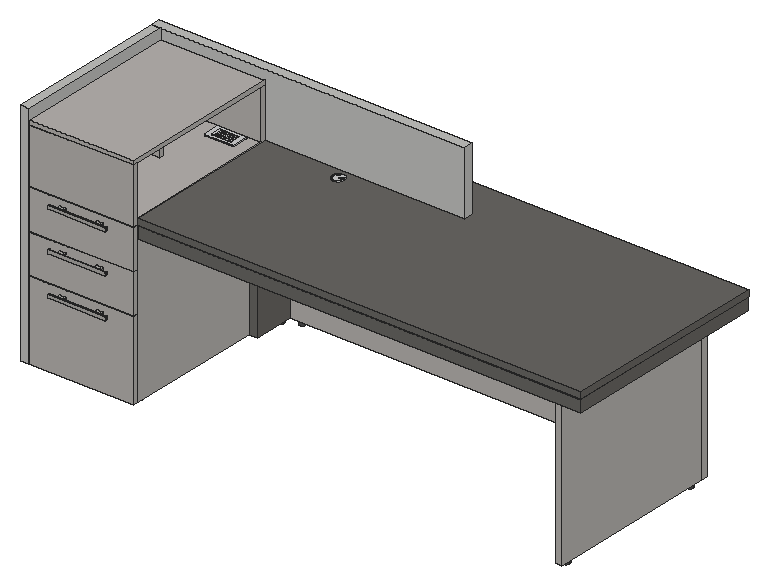
Revit family "Table-Teknion-CWRCH-Height_Adjustable_Reception_Classic_Desk-R2022", category Furniture, Revit 2022
Family settings
  OmniClass Number = 23.40.20.00
  OmniClass Title = General Furniture and Specialties
  Work Plane-Based = No
  Always vertical = Yes
  Cut with Voids When Loaded = No
  Render Appearance Source = Family Geometry
  Shared = Yes
  Room Calculation Point = No
Parameters (values of type "Box/Box/File Storage")
  Worksurface Finish [instance] = Wood - Teknion - DZ - Truffle
  Handle Finish [instance] = Paint - Teknion - Mica - Titanium Grey
  Grommet Offset [instance] = if(Width = 120", 26.258", if(Width = 108", 23.258", if(Width = 96", 20.258", 17.258")))  # 20.258"
  Divider Screen Finish [instance] = Laminate - Teknion - RV - Very White
  Default Elevation = 0"
  Base & Storage Finish [instance] = Veneer-Teknion-5S-Flintwood-Silverwash
  Width [instance] = 96"
  Warranty = "http://www.teknion.com/ca/papers/legal-canada"
  Unit Weight URL = "http://www.teknion.com/ca/tools/assets#&asset=bee6a381-b954-425e-8283-5a2de3a804f2,f828d448-4b62-4231-9e5f-9a8991c0ed77"
  URL = "www.teknion.com"
  To render, please download texture images found here [instance] = "https://assets.teknion.com/web/5e81352c1dfdb467/revit-material-swatches/"
  Sustainability Data = "https://www.teknion.com/ca/tools/assets#&topic=216f99a5-57a0-44fc-b10a-9dee9b29ae4c&asset=444deb64-fe58-4b68-981e-f75e97781df7,b4ff2d81-9f2e-437d-9659-7cffb09c31cf"
  Series = "Custom Wood"  # constant formula
  Screen Edge offset [instance] = if(Width = 84", 30", if(Width = 96", 42", if(Width = 108", 48", 54")))  # 42"
  Product Page URL = "https://www.teknion.com/ca/products/product-details?productLineId=0d82026f-8e7a-673b-a6c8-ff05004460c4"
  Product Line = "Reception"  # constant formula
  Product Documentation Link = "https://assets.teknion.com/m/148e0412a085a50e/original/Teknion-Reception-Sell-Sheet.pdf"
  Part Number = "CWRCH"  # constant formula
  Model = "CWRCH36_B"
  Manufacturer Phone = "416-661-3370"  # constant formula
  Manufacturer Fax = "416.661.4586"  # constant formula
  Manufacturer Contact Information = "http://www.teknion.com/ca/contactus"
  Manufacturer Address = "1150 Flint Road, Toronto, ON. M3J 2J5. Canada"  # constant formula
  Manufacturer = "Teknion"  # constant formula
  Left = yes
  LF = no
  LB = yes
  How To Use Teknion Materials User Guide [instance] = "https://assets.teknion.com/m/205dd0a49fa58060/original/How-to-add-a-Material-Library-and-Texture-Images-to-your-Revit-project.pdf"
  For Additional Finishes, please visit [instance] = "https://assets.teknion.com/m/44a8009b046e5d47/original/Teknion_Materials_Library.zip"
  Description = "Teknion Reception, H/A Classic Desk, 36\" Depth, Left, Box/Box/File Storage"
  Depth = 36.803"  # constant formula
  Available Widths [instance] = "96, 108, and 120 Inches"  # constant formula
  Assembly Code = "E2020200"
Reference planes (in)
  plane 1 "Center Front/Back": y = 0
  plane 2: z = 0
  plane 3 "Center Left/Right": x = 0
  plane 4 "Left": x = -48
  plane 5 "Right": x = 48
  plane 6 "Back": y = 18.4015
  plane 7 "Front": y = -18.4015
  plane 8 "Top": z = 40
  plane 9: x = -44
  plane 10: x = 44
  plane 11: x = -6
  plane 12: x = 6
  plane 13: z = 0.5
  plane 14: z = 29.00043
  plane 15: z = 27.965
  plane 16: x = -14.258
  plane 17: x = 14.258
  plane 18: y = 11.40165
Forms (in)
  Sweep 1, solid, material "Laminate - Teknion - RV - Very White" <- "Divider Screen Finish", visible <- "Left"
    path origin (0, 0, 0) x (1, 0, 0) y (0, 0, 1)
      loop
        line (0, 0.5) -> (0, 40)
    profile origin (0, 0, 20.25) x (-1, 0, 0) y (0, -1, 0)
      loop
        line (48, -9.86228) -> (48, 18.4015) -> (46.46063, 18.4015) -> (46.46063, -9.86228) -> (48, -9.86228)
  Sweep 2, solid, material "Laminate - Teknion - RV - Very White" <- "Divider Screen Finish", visible <- "Left"
    path origin (0, 0, 0) x (1, 0, 0) y (0, 0, 1)
      loop
        line (0, 0.5) -> (0, 40)
    profile origin (0, 0, 20.25) x (-1, 0, 0) y (0, -1, 0)
      loop
        line (48, -11.40165) -> (48, -9.86228) -> (28.51575, -9.86228) -> (28.51575, -11.40165) -> (48, -11.40165)
  Sweep 3, solid, material "Wood - Teknion - DZ - Truffle" <- "Worksurface Finish", visible <- "Left"
    path origin (0, 0, 0) x (1, 0, 0) y (0, 0, 1)
      loop
        line (0, 0.5) -> (0, 27.965)
    profile origin (0, 0, 14.2325) x (-1, 0, 0) y (0, -1, 0)
      loop
        line (28.51575, -18.4015) -> (28.51575, -6.40165) -> (26.97638, -6.40165) -> (26.97638, -18.4015) -> (28.51575, -18.4015)
  Sweep 4, solid, material "Laminate - Teknion - RV - Very White" <- "Divider Screen Finish", visible <- "Left"
    path origin (0, 0, 0) x (1, 0, 0) y (0, 0, 1)
      loop
        line (0, 29.00043) -> (0, 40)
    profile origin (0, 0, 34.50022) x (-1, 0, 0) y (0, -1, 0)
      loop
        line (28.51575, -11.40165) -> (28.51575, -9.86228) -> (-6, -9.86228) -> (-6, -11.40165) -> (28.51575, -11.40165)
  Sweep 5, solid, material "Wood - Teknion - DZ - Truffle" <- "Worksurface Finish", visible <- "Left"
    path origin (0, 0, 0) x (1, 0, 0) y (0, 0, 1)
      loop
        line (0, 27.965) -> (0, 29.00043)
    profile origin (0, 0, 28.48272) x (-1, 0, 0) y (0, -1, 0)
      loop
        line (28.51575, -18.4015) -> (28.51575, 17.59835) -> (-48, 17.59835) -> (-48, -18.4015) -> (28.51575, -18.4015)
  Sweep 6, solid, material "Wood - Teknion - DZ - Truffle" <- "Worksurface Finish", visible <- "Left"
    path origin (0, 0, 0) x (1, 0, 0) y (0, 1, 0)
      loop
        line (-28.51575, -17.59835) -> (48, -17.59835) -> (48, 18.4015) -> (-26.97638, 18.4015)
    profile origin (9.74213, -17.59835, 0) x (0, 1, 0) y (0, 0, 1)
      loop
        line (0.29528, 27.965) -> (0.29528, 27.84646) -> (0.05906, 27.84646) -> (0.05906, 25.71457) -> (0.77953, 25.71457) -> (0.77953, 27.965) -> (0.29528, 27.965)
  Sweep 7, solid, material "Veneer-Teknion-5S-Flintwood-Silverwash" <- "Base & Storage Finish", visible <- "Left"
    path origin (0, 0, 0) x (1, 0, 0) y (0, 0, 1)
      loop
        line (0, 0.5) -> (0, 27.965)
    profile origin (0, 0, 14.2325) x (-1, 0, 0) y (0, -1, 0)
      loop
        line (26.97638, -14.40165) -> (26.97638, -13.36228) -> (-44, -13.36228) -> (-44, -14.40165) -> (26.97638, -14.40165)
  Sweep 8, solid, material "Veneer-Teknion-5S-Flintwood-Silverwash" <- "Base & Storage Finish", visible <- "Left"
    path origin (0, 0, 0) x (1, 0, 0) y (0, 0, 1)
      loop
        line (0, 0.5) -> (0, 27.965)
    profile origin (0, 0, 14.2325) x (-1, 0, 0) y (0, -1, 0)
      loop
        line (-42.96063, -13.36228) -> (-42.96063, 16.81882) -> (-44, 16.81882) -> (-44, -13.36228) -> (-42.96063, -13.36228)
  Sweep 9, solid, material "Veneer-Teknion-5S-Flintwood-Silverwash" <- "Base & Storage Finish", visible <- "Left"
    path origin (0, 0, 0) x (1, 0, 0) y (0, 0, 1)
      loop
        line (0, 0.5) -> (0, 27.965)
    profile origin (0, 0, 14.2325) x (-1, 0, 0) y (0, -1, 0)
      loop
        line (29.24016, -6.40165) -> (29.24016, 17.59835) -> (28.51575, 17.59835) -> (28.51575, -6.40165) -> (29.24016, -6.40165)
      loop
        line (45.73622, -6.40165) -> (46.46063, -6.40165) -> (46.46063, 17.59835) -> (45.73622, 17.59835) -> (45.73622, -6.40165)
  Sweep 10, solid, material "Veneer-Teknion-5S-Flintwood-Silverwash" <- "Base & Storage Finish", visible <- "Left"
    path origin (0, 0, 0) x (1, 0, 0) y (0, 0, 1)
      loop
        line (0, 27.965) -> (0, 37.52559)
    profile origin (0, 0, 32.7453) x (-1, 0, 0) y (0, -1, 0)
      loop
        line (46.46063, -6.40165) -> (46.46063, 17.67709) -> (45.73622, 17.67709) -> (45.73622, -6.40165) -> (46.46063, -6.40165)
  Sweep 11, solid, material "Veneer-Teknion-5S-Flintwood-Silverwash" <- "Base & Storage Finish", visible <- "Left"
    path origin (0, 0, 0) x (1, 0, 0) y (0, 0, 1)
      loop
        line (0, 27.965) -> (0, 29.00043)
    profile origin (0, 0, 28.48272) x (-1, 0, 0) y (0, -1, 0)
      loop
        line (45.73622, -9.13787) -> (45.73622, 17.67709) -> (28.51575, 17.67709) -> (28.51575, -9.13787) -> (45.73622, -9.13787)
  Sweep 12, solid, material "Veneer-Teknion-5S-Flintwood-Silverwash" <- "Base & Storage Finish", visible <- "Left"
    path origin (0, 0, 0) x (1, 0, 0) y (0, 0, 1)
      loop
        line (0, 27.965) -> (0, 37.52559)
    profile origin (0, 0, 32.7453) x (-1, 0, 0) y (0, -1, 0)
      loop
        line (45.73622, -9.86228) -> (45.73622, -9.13787) -> (28.51575, -9.13787) -> (28.51575, -9.86228) -> (45.73622, -9.86228)
  Sweep 13, solid, material "Veneer-Teknion-5S-Flintwood-Silverwash" <- "Base & Storage Finish", visible <- "Left"
    path origin (0, 0, 0) x (1, 0, 0) y (0, 0, 1)
      loop
        line (0, 37.52559) -> (0, 38.25)
    profile origin (0, 0, 37.8878) x (-1, 0, 0) y (0, -1, 0)
      loop
        line (46.46063, -9.86228) -> (46.46063, 18.4015) -> (28.51575, 18.4015) -> (28.51575, -9.86228) -> (46.46063, -9.86228)
  Sweep 14, solid, material "Veneer-Teknion-5S-Flintwood-Silverwash" <- "Base & Storage Finish", visible <- "Left"
    path origin (0, 0, 0) x (1, 0, 0) y (0, 0, 1)
      loop
        line (0, 29.00043) -> (0, 37.52559)
    profile origin (0, 0, 33.26301) x (-1, 0, 0) y (0, -1, 0)
      loop
        line (45.73622, 2.14953) -> (45.73622, 2.67709) -> (36.48622, 2.67709) -> (36.48622, 2.14953) -> (45.73622, 2.14953)
  Sweep 15, solid, material "Veneer-Teknion-5S-Flintwood-Silverwash" <- "Base & Storage Finish", visible <- "Left"
    path origin (0, 0, 0) x (1, 0, 0) y (0, 0, 1)
      loop
        line (0, 32.99923) -> (0, 33.52679)
    profile origin (0, 0, 33.26301) x (-1, 0, 0) y (0, -1, 0)
      loop
        line (36.48622, 2.67709) -> (45.73622, 2.67709) -> (45.73622, 17.67709) -> (36.48622, 17.67709) -> (36.48622, 2.67709)
  Sweep 16, solid, material "Veneer-Teknion-5S-Flintwood-Silverwash" <- "Base & Storage Finish", visible <- "LB"
    path origin (0, 0, 0) x (1, 0, 0) y (0, 1, 0)
      loop
        line (0, -18.4015) -> (0, -17.67709)
    profile origin (0, -18.0393, 0) x (-1, 0, 0) y (0, 0, 1)
      loop
        line (46.46063, 37.52559) -> (28.51575, 37.52559) -> (28.51575, 27.965) -> (46.46063, 27.965) -> (46.46063, 37.52559)
      loop
        line (28.51575, 27.88626) -> (28.51575, 21.10432) -> (46.46063, 21.10432) -> (46.46063, 27.88626) -> (28.51575, 27.88626)
      loop
        line (46.46063, 21.01444) -> (28.51575, 21.01444) -> (28.51575, 14.2325) -> (46.46063, 14.2325) -> (46.46063, 21.01444)
      loop
        line (28.51575, 14.15376) -> (28.51575, 0.5) -> (46.46063, 0.5) -> (46.46063, 14.15376) -> (28.51575, 14.15376)
  Sweep 17, solid, material "Veneer-Teknion-5S-Flintwood-Silverwash" <- "Base & Storage Finish", visible <- "LF"
    path origin (0, 0, 0) x (1, 0, 0) y (0, 1, 0)
      loop
        line (0, -18.4015) -> (0, -17.67709)
    profile origin (0, -18.0393, 0) x (-1, 0, 0) y (0, 0, 1)
      loop
        line (46.46063, 14.15376) -> (28.51575, 14.15376) -> (28.51575, 0.5) -> (46.46063, 0.5) -> (46.46063, 14.15376)
      loop
        line (28.51575, 27.88626) -> (28.51575, 14.2325) -> (46.46063, 14.2325) -> (46.46063, 27.88626) -> (28.51575, 27.88626)
      loop
        line (46.46063, 27.965) -> (46.46063, 37.52559) -> (28.51575, 37.52559) -> (28.51575, 27.965) -> (46.46063, 27.965)
  Sweep 18, solid, material "Veneer-Teknion-5S-Flintwood-Silverwash" <- "Base & Storage Finish", visible <- "Left"
    path origin (0, 0, 0) x (1, 0, 0) y (0, 1, 0)
      loop
        line (-29.24016, 0) -> (-45.73622, 0)
    profile origin (-37.48819, 0, 0) x (0, -1, 0) y (0, 0, 1)
      loop
        line (-3.67724, 1.22441) -> (-3.67724, 0.5) -> (17.59835, 0.5) -> (17.59835, 1.22441) -> (-3.67724, 1.22441)
      loop
        line (-4.40165, 27.24059) -> (17.59835, 27.24059) -> (17.59835, 27.965) -> (-4.40165, 27.965) -> (-4.40165, 27.24059)
  Sweep 19, solid, material "Veneer-Teknion-5S-Flintwood-Silverwash" <- "Base & Storage Finish", visible <- "Left"
    path origin (0, 0, 0) x (1, 0, 0) y (0, 0, 1)
      loop
        line (0, 0.5) -> (0, 27.24059)
    profile origin (0, 0, 13.8703) x (-1, 0, 0) y (0, -1, 0)
      loop
        line (45.73622, -4.40165) -> (45.73622, -3.67724) -> (29.24016, -3.67724) -> (29.24016, -4.40165) -> (45.73622, -4.40165)
  Sweep 20, solid, material "Plastic - Teknion - E - Ebony", visible <- "Left"
    path origin (0, 0, 0) x (1, 0, 0) y (0, 0, 1)
      loop
        line (0, 0) -> (0, 0.5)
    profile origin (0, 0, 0.25) x (-1, 0, 0) y (0, -1, 0)
      loop
        circle (47.23031, 16.62985) r 0.5
      loop
        circle (45.39173, 15.74796) r 0.5
      loop
        circle (47.23031, -8.09063) r 0.5
      loop
        circle (46.22835, -10.63196) r 0.5
      loop
        circle (45.39173, -2.62921) r 0.5
      loop
        circle (29.58465, 15.74796) r 0.5
      loop
        circle (29.58465, -2.62921) r 0.5
      loop
        circle (30.2874, -10.63196) r 0.5
      loop
        circle (27.74606, -12.38393) r 0.5
      loop
        circle (27.74606, -16.63) r 0.5
      loop
        circle (25.20472, -13.88196) r 0.5
      loop
        circle (-42.22835, -13.88196) r 0.5
      loop
        circle (-43.48031, -11.59063) r 0.5
      loop
        circle (-43.48031, 15.04717) r 0.5
  Sweep 21, solid, material "Veneer-Teknion-5S-Flintwood-Silverwash" <- "Base & Storage Finish", visible <- "Left"
    path origin (0, 0, 0) x (1, 0, 0) y (0, 1, 0)
      loop
        line (0, -0.11425) -> (0, 0.91725)
    profile origin (0, 0.4015, 0) x (-1, 0, 0) y (0, 0, 1)
      loop
        line (28.51575, 27.965) -> (-42.96063, 27.965) -> (-42.96063, 25.71457) -> (28.51575, 25.71457) -> (28.51575, 27.965)
      loop
        line (-44, 27.965) -> (-47.22047, 27.965) -> (-47.22047, 25.71457) -> (-44, 25.71457) -> (-44, 27.965)
  Sweep 22, solid, material "Paint - Teknion - Mica - Titanium Grey" <- "Handle Finish", visible <- "Left"
    path origin (0, 0, 0) x (1, 0, 0) y (0, 1, 0)
      loop
        line (0, -18.4015) -> (0, -19.11591)
    profile origin (0, -18.75871, 0) x (1, 0, 0) y (0, 0, 1)
      loop
        line (-41.11024, 26.38262) -> (-40.32283, 26.38262)
        arc (-40.32283, 26.38262) -> (-40.22183, 26.42445) -> (-40.18, 26.52545) r 0.14284
        line (-40.18, 26.52545) -> (-40.18, 26.64864)
        arc (-40.18, 26.64864) -> (-40.22183, 26.74964) -> (-40.32283, 26.79148) r 0.14284
        line (-40.32283, 26.79148) -> (-41.11024, 26.79148)
        arc (-41.11024, 26.79148) -> (-41.21124, 26.74964) -> (-41.25307, 26.64864) r 0.14284
        line (-41.25307, 26.64864) -> (-41.25307, 26.52545)
        arc (-41.25307, 26.52545) -> (-41.21124, 26.42445) -> (-41.11024, 26.38262) r 0.14284
      loop
        arc (-33.86614, 26.38262) -> (-33.76514, 26.42445) -> (-33.72331, 26.52545) r 0.14284
        line (-33.72331, 26.52545) -> (-33.72331, 26.64864)
        arc (-33.72331, 26.64864) -> (-33.76514, 26.74964) -> (-33.86614, 26.79148) r 0.14284
        line (-33.86614, 26.79148) -> (-34.65354, 26.79148)
        arc (-34.65354, 26.79148) -> (-34.75454, 26.74964) -> (-34.79638, 26.64864) r 0.14284
        line (-34.79638, 26.64864) -> (-34.79638, 26.52545)
        arc (-34.79638, 26.52545) -> (-34.75454, 26.42445) -> (-34.65354, 26.38262) r 0.14284
        line (-34.65354, 26.38262) -> (-33.86614, 26.38262)
      loop
        line (-41.11024, 12.65012) -> (-40.32283, 12.65012)
        arc (-40.32283, 12.65012) -> (-40.22183, 12.69195) -> (-40.18, 12.79295) r 0.14284
        line (-40.18, 12.79295) -> (-40.18, 12.91614)
        arc (-40.18, 12.91614) -> (-40.22183, 13.01714) -> (-40.32283, 13.05898) r 0.14284
        line (-40.32283, 13.05898) -> (-41.11024, 13.05898)
        arc (-41.11024, 13.05898) -> (-41.21124, 13.01714) -> (-41.25307, 12.91614) r 0.14284
        line (-41.25307, 12.91614) -> (-41.25307, 12.79295)
        arc (-41.25307, 12.79295) -> (-41.21124, 12.69195) -> (-41.11024, 12.65012) r 0.14284
      loop
        arc (-33.86614, 12.65012) -> (-33.76514, 12.69195) -> (-33.72331, 12.79295) r 0.14284
        line (-33.72331, 12.79295) -> (-33.72331, 12.91614)
        arc (-33.72331, 12.91614) -> (-33.76514, 13.01714) -> (-33.86614, 13.05898) r 0.14284
        line (-33.86614, 13.05898) -> (-34.65354, 13.05898)
        arc (-34.65354, 13.05898) -> (-34.75454, 13.01714) -> (-34.79638, 12.91614) r 0.14284
        line (-34.79638, 12.91614) -> (-34.79638, 12.79295)
        arc (-34.79638, 12.79295) -> (-34.75454, 12.69195) -> (-34.65354, 12.65012) r 0.14284
        line (-34.65354, 12.65012) -> (-33.86614, 12.65012)
  Sweep 23, solid, material "Paint - Teknion - Mica - Titanium Grey" <- "Handle Finish", visible <- "LB"
    path origin (0, 0, 0) x (1, 0, 0) y (0, 1, 0)
      loop
        line (0, -18.4015) -> (0, -19.11591)
    profile origin (0, -18.75871, 0) x (1, 0, 0) y (0, 0, 1)
      loop
        line (-41.11024, 19.5108) -> (-40.32283, 19.5108)
        arc (-40.32283, 19.5108) -> (-40.22183, 19.55264) -> (-40.18, 19.65364) r 0.14284
        line (-40.18, 19.65364) -> (-40.18, 19.77682)
        arc (-40.18, 19.77682) -> (-40.22183, 19.87782) -> (-40.32283, 19.91966) r 0.14284
        line (-40.32283, 19.91966) -> (-41.11024, 19.91966)
        arc (-41.11024, 19.91966) -> (-41.21124, 19.87782) -> (-41.25307, 19.77682) r 0.14284
        line (-41.25307, 19.77682) -> (-41.25307, 19.65364)
        arc (-41.25307, 19.65364) -> (-41.21124, 19.55264) -> (-41.11024, 19.5108) r 0.14284
      loop
        arc (-33.86614, 19.5108) -> (-33.76514, 19.55264) -> (-33.72331, 19.65364) r 0.14284
        line (-33.72331, 19.65364) -> (-33.72331, 19.77682)
        arc (-33.72331, 19.77682) -> (-33.76514, 19.87782) -> (-33.86614, 19.91966) r 0.14284
        line (-33.86614, 19.91966) -> (-34.65354, 19.91966)
        arc (-34.65354, 19.91966) -> (-34.75454, 19.87782) -> (-34.79638, 19.77682) r 0.14284
        line (-34.79638, 19.77682) -> (-34.79638, 19.65364)
        arc (-34.79638, 19.65364) -> (-34.75454, 19.55264) -> (-34.65354, 19.5108) r 0.14284
        line (-34.65354, 19.5108) -> (-33.86614, 19.5108)
  Sweep 24, solid, material "Paint - Teknion - Mica - Titanium Grey" <- "Handle Finish", visible <- "Left"
    path origin (0, 0, 0) x (1, 0, 0) y (0, 1, 0)
      loop
        line (0, -19.40544) -> (0, -19.11591)
    profile origin (0, -19.26068, 0) x (-1, 0, 0) y (0, 0, 1)
      loop
        line (42.35039, 26.86264) -> (32.62598, 26.86264)
        arc (32.62598, 26.86264) -> (32.52855, 26.82228) -> (32.48819, 26.72484) r 0.1378
        line (32.48819, 26.72484) -> (32.48819, 26.44925)
        arc (32.48819, 26.44925) -> (32.52855, 26.35182) -> (32.62598, 26.31146) r 0.1378
        line (32.62598, 26.31146) -> (42.35039, 26.31146)
        arc (42.35039, 26.31146) -> (42.44783, 26.35182) -> (42.48819, 26.44925) r 0.1378
        line (42.48819, 26.44925) -> (42.48819, 26.72484)
        arc (42.48819, 26.72484) -> (42.44783, 26.82228) -> (42.35039, 26.86264) r 0.1378
      loop
        line (42.35039, 13.13014) -> (32.62598, 13.13014)
        arc (32.62598, 13.13014) -> (32.52855, 13.08978) -> (32.48819, 12.99234) r 0.1378
        line (32.48819, 12.99234) -> (32.48819, 12.71675)
        arc (32.48819, 12.71675) -> (32.52855, 12.61932) -> (32.62598, 12.57896) r 0.1378
        line (32.62598, 12.57896) -> (42.35039, 12.57896)
        arc (42.35039, 12.57896) -> (42.44783, 12.61932) -> (42.48819, 12.71675) r 0.1378
        line (42.48819, 12.71675) -> (42.48819, 12.99234)
        arc (42.48819, 12.99234) -> (42.44783, 13.08978) -> (42.35039, 13.13014) r 0.1378
  Sweep 25, solid, material "Paint - Teknion - Mica - Titanium Grey" <- "Handle Finish", visible <- "LB"
    path origin (0, 0, 0) x (1, 0, 0) y (0, 1, 0)
      loop
        line (0, -19.11591) -> (0, -19.40544)
    profile origin (0, -19.26068, 0) x (1, 0, 0) y (0, 0, 1)
      loop
        line (-42.35039, 19.43964) -> (-32.62598, 19.43964)
        arc (-32.62598, 19.43964) -> (-32.52855, 19.48) -> (-32.48819, 19.57744) r 0.1378
        line (-32.48819, 19.57744) -> (-32.48819, 19.85303)
        arc (-32.48819, 19.85303) -> (-32.52855, 19.95046) -> (-32.62598, 19.99082) r 0.1378
        line (-32.62598, 19.99082) -> (-42.35039, 19.99082)
        arc (-42.35039, 19.99082) -> (-42.44783, 19.95046) -> (-42.48819, 19.85303) r 0.1378
        line (-42.48819, 19.85303) -> (-42.48819, 19.57744)
        arc (-42.48819, 19.57744) -> (-42.44783, 19.48) -> (-42.35039, 19.43964) r 0.1378
  Sweep 26, void
    path origin (0, 0, 0) x (1, 0, 0) y (0, 0, 1)
      loop
        line (-14.258, 27.965) -> (-14.258, 29.00043)
    profile origin (-14.258, 0, 28.48272) x (-1, 0, 0) y (0, -1, 0)
      loop
        circle (0, -7.9548) r 1.01181
  Sweep 27, solid, material "Plastic - Teknion - 30 - Grey", visible <- "Left"
    path origin (0, 0, 0) x (1, 0, 0) y (0, 0, 1)
      loop
        line (0, 29.00043) -> (0, 29.10705)
    profile origin (0, 0, 29.05374) x (-1, 0, 0) y (0, -1, 0)
      loop
        line (30.92677, -8.86622) -> (35.55571, -8.86622)
        arc (35.55571, -8.86622) -> (35.73249, -8.79299) -> (35.80571, -8.61622) r 0.25
        line (35.80571, -8.61622) -> (35.80571, -6.11622)
        arc (35.80571, -6.11622) -> (35.73249, -5.93944) -> (35.55571, -5.86622) r 0.25
        line (35.55571, -5.86622) -> (30.92677, -5.86622)
        arc (30.92677, -5.86622) -> (30.74999, -5.93944) -> (30.67677, -6.11622) r 0.25
        line (30.67677, -6.11622) -> (30.67677, -8.61622)
        arc (30.67677, -8.61622) -> (30.74999, -8.79299) -> (30.92677, -8.86622) r 0.25
  Sweep 28, solid, material "Plastic - Teknion - 30 - Grey", visible <- "Left"
    path origin (0, 0, 0) x (1, 0, 0) y (0, 0, 1)
      loop
        line (0, 29.10705) -> (0, 29.16827)
    profile origin (0, 0, 29.13766) x (-1, 0, 0) y (0, -1, 0)
      loop
        line (34.8649, -8.23533) -> (34.8649, -6.51473) -> (31.63155, -6.51473) -> (31.63155, -8.23533) -> (34.8649, -8.23533)
  Sweep 29, solid, material "Plastic - Teknion - 30 - Grey", visible <- "Left"
    path origin (0, 0, 0) x (1, 0, 0) y (0, 0, 1)
      loop
        line (0, 29.16827) -> (0, 29.22233)
    profile origin (0, 0, 29.1953) x (-1, 0, 0) y (0, -1, 0)
      loop
        line (34.52669, -7.9136) -> (34.52669, -6.83147) -> (33.4432, -6.83147) -> (33.4432, -7.9136) -> (34.52669, -7.9136)
      loop
        line (33.04405, -7.9136) -> (33.04405, -6.83147) -> (31.96057, -6.83147) -> (31.96057, -7.9136) -> (33.04405, -7.9136)
      loop
        line (34.1811, -7.67975) -> (34.1811, -7.53696) -> (33.78879, -7.53696) -> (33.78879, -7.67975) -> (34.1811, -7.67975)
      loop
        line (34.1811, -7.2081) -> (34.1811, -7.06531) -> (33.78879, -7.06531) -> (33.78879, -7.2081) -> (34.1811, -7.2081)
      loop
        line (32.8385, -7.78533) -> (32.8385, -7.3724) -> (32.67052, -7.3724) -> (32.67052, -7.78533) -> (32.8385, -7.78533)
      loop
        line (32.34118, -7.74368) -> (32.34118, -7.39018) -> (32.16976, -7.39018) -> (32.16976, -7.74368) -> (32.34118, -7.74368)
      loop
        line (32.62534, -6.94703) -> (32.3616, -6.94703) -> (32.3616, -7.06531)
        arc (32.3616, -7.06531) -> (32.49347, -7.19718) -> (32.62534, -7.06531) r 0.13187
        line (32.62534, -7.06531) -> (32.62534, -6.94703)
  Sweep 30, solid, material "Plastic - Teknion - 30 - Grey", visible <- "Left"
    path origin (0, 0, 0) x (1, 0, 0) y (0, 0, 1)
      loop
        line (0, 29.00043) -> (0, 29.07917)
    profile origin (0, 0, 29.0398) x (-1, 0, 0) y (0, -1, 0)
      loop
        line (13.86318, -8.19102) -> (13.29291, -8.19102)
        arc (13.29291, -8.19102) -> (15.25158, -7.9548) -> (13.29291, -7.71858) r 0.99358
        line (13.29291, -7.71858) -> (13.86318, -7.71858)
        arc (13.86318, -7.71858) -> (14.0994, -7.9548) -> (13.86318, -8.19102) r 0.23622
  Sweep 31, solid, material "Plastic - Teknion - 30 - Grey", visible <- "Left"
    path origin (0, 0, 0) x (1, 0, 0) y (0, 0, 1)
      loop
        line (0, 29.00043) -> (0, 28.2524)
    profile origin (0, 0, 28.62642) x (0, -1, 0) y (1, 0, 0)
      loop
        circle (-7.93659, -14.258) r 0.91127
      loop
        circle (-7.93659, -14.258) r 0.82696
Cuts and joins
  joined: Sweep 2, Sweep 4
  Sweep 26 cuts Sweep 5
Lines and regions (in)
  Masking region 1, visible <- "Left"
    outline origin (0, 0, 0) x (1, 0, 0) y (0, 1, 0)
      loop
        line (-28.51575, 18.4015) -> (-28.51575, 11.40165) -> (6, 11.40165) -> (6, 9.86228) -> (-28.51575, 9.86228) -> (-28.51575, -17.59835) -> (48, -17.59835) -> (48, 18.4015) -> (-28.51575, 18.4015)
  Masking region 2, visible <- "Left"
    outline origin (0, 0, 0) x (1, 0, 0) y (0, 1, 0)
      loop
        line (6, 11.40165) -> (-48, 11.40165) -> (-48, 9.86228) -> (6, 9.86228) -> (6, 11.40165)
  Masking region 3, visible <- "Left"
    outline origin (0, 0, 0) x (1, 0, 0) y (0, 1, 0)
      loop
        line (-46.46063, 9.86228) -> (-46.46063, -18.4015) -> (-28.51575, -18.4015) -> (-28.51575, 9.86228) -> (-46.46063, 9.86228)
  Masking region 4, visible <- "Left"
    outline origin (0, 0, 0) x (1, 0, 0) y (0, 1, 0)
      loop
        line (-41.25307, -18.4015) -> (-41.25307, -19.11591) -> (-40.18, -19.11591) -> (-40.18, -18.4015) -> (-41.25307, -18.4015)
      loop
        line (-34.79638, -18.4015) -> (-34.79638, -19.11591) -> (-33.72331, -19.11591) -> (-33.72331, -18.4015) -> (-34.79638, -18.4015)
  Masking region 5, visible <- "Left"
    outline origin (0, 0, 0) x (1, 0, 0) y (0, 1, 0)
      loop
        line (-42.48819, -19.11591) -> (-42.48819, -19.40544) -> (-32.48819, -19.40544) -> (-32.48819, -19.11591) -> (-42.48819, -19.11591)
  Masking region 6, visible <- "Left"
    outline origin (0, 0, 0) x (1, 0, 0) y (0, 1, 0)
      loop
        line (-48, 9.86228) -> (-48, -18.4015) -> (-46.46063, -18.4015) -> (-46.46063, 9.86228) -> (-48, 9.86228)
  symbolic lines, style "FurnitureHiddenLines", visible <- "Left", detail levels fine
    curve 1: line (47.94094, 18.34244, 0) -> (-26.97638, 18.34244, 0)
    curve 2: line (47.94094, -17.5393, 0) -> (47.94094, 18.34244, 0)
    curve 3: line (-28.51575, -17.5393, 0) -> (47.94094, -17.5393, 0)
    curve 4: line (47.70472, 18.10622, 0) -> (-26.97638, 18.10622, 0)
    curve 5: line (-26.97638, 17.62197, 0) -> (47.22047, 17.62197, 0)
    curve 6: line (47.70472, -17.30307, 0) -> (47.70472, 18.10622, 0)
    curve 7: line (47.22047, 17.62197, 0) -> (47.22047, -16.81882, 0)
    curve 8: line (47.22047, -16.81882, 0) -> (-28.51575, -16.81882, 0)
    curve 9: line (-28.51575, -17.30307, 0) -> (47.70472, -17.30307, 0)
    curve 14: line (-29.24016, 4.40165, 0) -> (-45.73622, 4.40165, 0)
    curve 15: line (-45.73622, 3.67724, 0) -> (-29.24016, 3.67724, 0)
    curve 19: line (-36.48622, -17.67709, 0) -> (-36.48622, -2.67709, 0)
    curve 20: line (-36.48622, -2.14953, 0) -> (-45.73622, -2.14953, 0)
    curve 21: line (-36.48622, -2.67709, 0) -> (-36.48622, -2.14953, 0)
    curve 29: arc (-47.73031, -16.62985, 0) -> (-47.23031, -16.12985, 0) -> (-46.73031, -16.62985, 0) r 0.5
    curve 30: arc (-46.73031, -16.62985, 0) -> (-47.23031, -17.12985, 0) -> (-47.73031, -16.62985, 0) r 0.5
    curve 31: arc (-45.89173, -15.74796, 0) -> (-45.39173, -15.24796, 0) -> (-44.89173, -15.74796, 0) r 0.5
    curve 32: arc (-44.89173, -15.74796, 0) -> (-45.39173, -16.24796, 0) -> (-45.89173, -15.74796, 0) r 0.5
    curve 33: arc (-29.08465, -15.74796, 0) -> (-29.58465, -16.24796, 0) -> (-30.08465, -15.74796, 0) r 0.5
    curve 34: arc (-30.08465, -15.74796, 0) -> (-29.58465, -15.24796, 0) -> (-29.08465, -15.74796, 0) r 0.5
    curve 35: arc (-44.89173, 2.62921, 0) -> (-45.39173, 2.12921, 0) -> (-45.89173, 2.62921, 0) r 0.5
    curve 36: arc (-29.08465, 2.62921, 0) -> (-29.58465, 2.12921, 0) -> (-30.08465, 2.62921, 0) r 0.5
    curve 37: arc (-30.08465, 2.62921, 0) -> (-29.58465, 3.12921, 0) -> (-29.08465, 2.62921, 0) r 0.5
    curve 38: arc (-45.89173, 2.62921, 0) -> (-45.39173, 3.12921, 0) -> (-44.89173, 2.62921, 0) r 0.5
    curve 39: arc (-47.73031, 8.09063, 0) -> (-47.23031, 8.59063, 0) -> (-46.73031, 8.09063, 0) r 0.5
    curve 40: arc (-46.73031, 8.09063, 0) -> (-47.23031, 7.59063, 0) -> (-47.73031, 8.09063, 0) r 0.5
    curve 41: arc (-45.72835, 10.63196, 0) -> (-46.22835, 10.13196, 0) -> (-46.72835, 10.63196, 0) r 0.5
    curve 42: arc (-46.72835, 10.63196, 0) -> (-46.22835, 11.13196, 0) -> (-45.72835, 10.63196, 0) r 0.5
    curve 43: arc (-29.7874, 10.63196, 0) -> (-30.2874, 10.13196, 0) -> (-30.7874, 10.63196, 0) r 0.5
    curve 44: arc (-30.7874, 10.63196, 0) -> (-30.2874, 11.13196, 0) -> (-29.7874, 10.63196, 0) r 0.5
    curve 45: arc (-28.24606, 12.38393, 0) -> (-27.74606, 12.88393, 0) -> (-27.24606, 12.38393, 0) r 0.5
    curve 46: arc (-27.24606, 12.38393, 0) -> (-27.74606, 11.88393, 0) -> (-28.24606, 12.38393, 0) r 0.5
    curve 47: arc (-24.70472, 13.88196, 0) -> (-25.20472, 13.38196, 0) -> (-25.70472, 13.88196, 0) r 0.5
    curve 48: arc (-25.70472, 13.88196, 0) -> (-25.20472, 14.38196, 0) -> (-24.70472, 13.88196, 0) r 0.5
    curve 49: arc (-27.24606, 16.63, 0) -> (-27.74606, 16.13, 0) -> (-28.24606, 16.63, 0) r 0.5
    curve 50: arc (-28.24606, 16.63, 0) -> (-27.74606, 17.13, 0) -> (-27.24606, 16.63, 0) r 0.5
    curve 51: arc (41.72835, 13.88196, 0) -> (42.22835, 14.38196, 0) -> (42.72835, 13.88196, 0) r 0.5
    curve 52: arc (42.72835, 13.88196, 0) -> (42.22835, 13.38196, 0) -> (41.72835, 13.88196, 0) r 0.5
    curve 53: arc (42.98031, 11.59063, 0) -> (43.48031, 12.09063, 0) -> (43.98031, 11.59063, 0) r 0.5
    curve 54: arc (43.98031, 11.59063, 0) -> (43.48031, 11.09063, 0) -> (42.98031, 11.59063, 0) r 0.5
    curve 55: arc (42.98031, -15.04717, 0) -> (43.48031, -14.54717, 0) -> (43.98031, -15.04717, 0) r 0.5
    curve 56: arc (43.98031, -15.04717, 0) -> (43.48031, -15.54717, 0) -> (42.98031, -15.04717, 0) r 0.5
    curve 57: line (-35.55571, 5.86622, 0) -> (-30.92677, 5.86622, 0)
    curve 58: arc (-30.92677, 5.86622, 0) -> (-30.74999, 5.93944, 0) -> (-30.67677, 6.11622, 0) r 0.25
    curve 59: line (-30.67677, 6.11622, 0) -> (-30.67677, 8.61622, 0)
    curve 60: arc (-30.67677, 8.61622, 0) -> (-30.74999, 8.79299, 0) -> (-30.92677, 8.86622, 0) r 0.25
    curve 61: line (-30.92677, 8.86622, 0) -> (-35.55571, 8.86622, 0)
    curve 62: arc (-35.55571, 8.86622, 0) -> (-35.73249, 8.79299, 0) -> (-35.80571, 8.61622, 0) r 0.25
    curve 63: line (-35.80571, 8.61622, 0) -> (-35.80571, 6.11622, 0)
    curve 64: arc (-35.80571, 6.11622, 0) -> (-35.73249, 5.93944, 0) -> (-35.55571, 5.86622, 0) r 0.25
    curve 65: line (-34.8649, 8.23533, 0) -> (-34.8649, 6.51473, 0)
    curve 66: line (-34.8649, 6.51473, 0) -> (-31.63155, 6.51473, 0)
    curve 67: line (-31.63155, 6.51473, 0) -> (-31.63155, 8.23533, 0)
    curve 68: line (-31.63155, 8.23533, 0) -> (-34.8649, 8.23533, 0)
    curve 69: line (-34.52669, 7.9136, 0) -> (-34.52669, 6.83147, 0)
    curve 70: line (-34.52669, 6.83147, 0) -> (-33.4432, 6.83147, 0)
    curve 71: line (-33.4432, 6.83147, 0) -> (-33.4432, 7.9136, 0)
    curve 72: line (-33.4432, 7.9136, 0) -> (-34.52669, 7.9136, 0)
    curve 73: line (-33.04405, 7.9136, 0) -> (-33.04405, 6.83147, 0)
    curve 74: line (-33.04405, 6.83147, 0) -> (-31.96057, 6.83147, 0)
    curve 75: line (-31.96057, 6.83147, 0) -> (-31.96057, 7.9136, 0)
    curve 76: line (-31.96057, 7.9136, 0) -> (-33.04405, 7.9136, 0)
    curve 77: line (-33.78879, 7.53696, 0) -> (-34.1811, 7.53696, 0)
    curve 78: line (-34.1811, 7.53696, 0) -> (-34.1811, 7.67975, 0)
    curve 79: line (-34.1811, 7.67975, 0) -> (-33.78879, 7.67975, 0)
    curve 80: line (-33.78879, 7.67975, 0) -> (-33.78879, 7.53696, 0)
    curve 81: line (-33.78879, 7.06531, 0) -> (-34.1811, 7.06531, 0)
    curve 82: line (-34.1811, 7.06531, 0) -> (-34.1811, 7.2081, 0)
    curve 83: line (-34.1811, 7.2081, 0) -> (-33.78879, 7.2081, 0)
    curve 84: line (-33.78879, 7.2081, 0) -> (-33.78879, 7.06531, 0)
    curve 85: line (-32.67052, 7.78533, 0) -> (-32.67052, 7.3724, 0)
    curve 86: line (-32.67052, 7.3724, 0) -> (-32.8385, 7.3724, 0)
    curve 87: line (-32.8385, 7.3724, 0) -> (-32.8385, 7.78533, 0)
    curve 88: line (-32.8385, 7.78533, 0) -> (-32.67052, 7.78533, 0)
    curve 89: line (-32.16976, 7.39018, 0) -> (-32.34118, 7.39018, 0)
    curve 90: line (-32.34118, 7.39018, 0) -> (-32.34118, 7.74368, 0)
    curve 91: line (-32.34118, 7.74368, 0) -> (-32.16976, 7.74368, 0)
    curve 92: line (-32.16976, 7.74368, 0) -> (-32.16976, 7.39018, 0)
    curve 93: line (-32.3616, 6.94703, 0) -> (-32.62534, 6.94703, 0)
    curve 94: line (-32.62534, 6.94703, 0) -> (-32.62534, 7.06531, 0)
    curve 95: arc (-32.62534, 7.06531, 0) -> (-32.49347, 7.19718, 0) -> (-32.3616, 7.06531, 0) r 0.13187
    curve 96: line (-32.3616, 7.06531, 0) -> (-32.3616, 6.94703, 0)
  symbolic lines, style "FurnitureHiddenLines", visible <- "Left", detail levels medium+fine
    curve 10: line (-26.97638, 11.40165, 0) -> (-26.97638, 18.34244, 0)
    curve 11: line (-28.51575, -17.67709, 0) -> (-46.46063, -17.67709, 0)
    curve 12: line (-45.73622, -17.67709, 0) -> (-45.73622, 9.86228, 0)
    curve 13: line (-29.24016, 9.86228, 0) -> (-29.24016, -17.59835, 0)
    curve 16: line (-29.24016, -17.59835, 0) -> (-28.51575, -17.59835, 0)
    curve 17: line (-45.73622, -17.59835, 0) -> (-29.24016, -17.59835, 0)
    curve 18: line (-46.46063, -17.59835, 0) -> (-45.73622, -17.59835, 0)
    curve 22: line (-26.97638, 13.36228, 0) -> (44, 13.36228, 0)
    curve 23: line (44, 14.40165, 0) -> (-26.97638, 14.40165, 0)
    curve 24: line (44, 13.36228, 0) -> (44, 14.40165, 0)
    curve 25: line (44, -16.81882, 0) -> (44, 13.36228, 0)
    curve 26: line (42.96063, 13.36228, 0) -> (42.96063, -16.81882, 0)
    curve 27: line (47.22047, 0.91725, 0) -> (-28.51575, 0.91725, 0)
    curve 28: line (47.22047, -0.11425, 0) -> (-28.51575, -0.11425, 0)
    curve 103: arc (-14.258, 8.76355, 0) -> (-13.43104, 7.93659, 0) -> (-14.258, 7.10964, 0) r 0.82696
    curve 104: arc (-14.258, 7.10964, 0) -> (-15.08496, 7.93659, 0) -> (-14.258, 8.76355, 0) r 0.82696
    curve 105: arc (-14.258, 7.02532, 0) -> (-13.34673, 7.93659, 0) -> (-14.258, 8.84787, 0) r 0.91127
    curve 106: arc (-14.258, 8.84787, 0) -> (-15.16927, 7.93659, 0) -> (-14.258, 7.02532, 0) r 0.91127
    curve 109: line (42.96063, -16.81882, 0) -> (44, -16.81882, 0)
    curve 110: line (47.22047, -0.11425, 0) -> (47.22047, 0.91725, 0)
  symbolic lines, style "Furniture", visible <- "Left"
    curve 97: arc (-13.24619, 7.9548, 0) -> (-14.258, 6.94299, 0) -> (-15.26981, 7.9548, 0) r 1.01181
    curve 98: arc (-15.26981, 7.9548, 0) -> (-14.258, 8.96661, 0) -> (-13.24619, 7.9548, 0) r 1.01181
  symbolic lines, visible <- "Left"
    curve 99: arc (-13.29291, 8.19102, 0) -> (-15.25158, 7.9548, 0) -> (-13.29291, 7.71858, 0) r 0.99358
    curve 100: line (-13.29291, 7.71858, 0) -> (-13.86318, 7.71858, 0)
    curve 101: arc (-13.86318, 7.71858, 0) -> (-14.0994, 7.9548, 0) -> (-13.86318, 8.19102, 0) r 0.23622
    curve 102: line (-13.86318, 8.19102, 0) -> (-13.27415, 8.19102, 0)
  reference lines
    curve 107: line (48, 18.4015, 0) -> (48, -18.4015, 0)
    curve 108: line (-48, 18.4015, 0) -> (-48, -18.4015, 0)
Dimensions and locks (in)
  "Width": plane 4 "Left" to plane 5 "Right"
  "Depth": plane 6 "Back" to plane 7 "Front"
  plane 8 "Top" to level = 40"
  equal spacing: plane 4 "Left", plane 3 "Center Left/Right", plane 5 "Right"
  equal spacing: plane 6 "Back", plane 1 "Center Front/Back", plane 7 "Front"
  locked: plane 4 "Left" to plane 9 at 4
  locked: plane 10 to plane 5 "Right" at 4
  "Screen Edge offset": plane 4 "Left" to plane 11
  "Screen Edge offset": plane 12 to plane 5 "Right"
  plane 14 to plane 15 to plane 13 to level = 1.03543", 27.465", 0.5" locked
  locked: plane 4 "Left" to Sweep 1 sketch curve at 1.53937
  locked: plane 4 "Left" to Sweep 2 sketch curve at 19.48425
  plane 4 "Left" to Sweep 3 sketch curve to Sweep 3 sketch curve = 19.48425" locked, 1.53937" locked
  locked: plane 6 "Back" to Sweep 3 sketch curve at 11.99985
  locked: plane 4 "Left" to Sweep 4 sketch curve at 19.48425
  locked: plane 4 "Left" to Sweep 5 sketch curve at 19.48425
  locked: plane 7 "Front" to Sweep 5 sketch curve at 0.80315
  locked: plane 7 "Front" to Sweep 6 sketch curve at 0.80315
  locked: plane 4 "Left" to Sweep 6 sketch curve at 19.48425
  locked: plane 4 "Left" to Sweep 6 sketch curve at 21.02362
  Sweep 6 sketch curve to Sweep 6 sketch curve to Sweep 6 sketch curve to plane 7 "Front" = 0.48425" locked, 0.23622" locked, 0.8622" locked
  plane 15 to Sweep 6 sketch curve to Sweep 6 sketch curve = 0.11854" locked, 2.13189" locked
  locked: plane 4 "Left" to Sweep 7 sketch curve at 21.02362
  plane 6 "Back" to Sweep 7 sketch curve to Sweep 7 sketch curve = 3.99985" locked, 1.03937" locked
  locked: Sweep 8 sketch curve to plane 10 at 1.03937
  locked: plane 6 "Back" to Sweep 8 sketch curve at 5.03922
  locked: plane 7 "Front" to Sweep 8 sketch curve at 1.58268
  plane 4 "Left" to Sweep 9 sketch curve to Sweep 9 sketch curve to Sweep 9 sketch curve to Sweep 9 sketch curve = 1.53937" locked, 0.72441" locked, 16.49606" locked, 0.72441" locked
  locked: plane 6 "Back" to Sweep 9 sketch curve at 11.99985  (x2)
  locked: plane 7 "Front" to Sweep 9 sketch curve at 0.80315  (x2)
  Sweep 10 sketch curve to plane 13 = 37.02559"
  locked: plane 7 "Front" to Sweep 11 sketch curve at 0.72441
  plane 4 "Left" to Sweep 11 sketch curve to Sweep 11 sketch curve = 2.26378" locked, 17.22047" locked
  locked: Sweep 12 sketch curve to level at 37.52559
  plane 4 "Left" to Sweep 12 sketch curve to Sweep 12 sketch curve = 2.26378" locked, 17.22047" locked
  Sweep 13 sketch curve to Sweep 13 sketch curve to level = 0.72441" locked, 37.52559" locked
  plane 4 "Left" to Sweep 13 sketch curve to Sweep 13 sketch curve = 1.53937" locked, 17.94488" locked
  Sweep 14 sketch curve to Sweep 14 sketch curve to level = 8.52516" locked, 29.00043" locked
  plane 7 "Front" to Sweep 14 sketch curve to Sweep 14 sketch curve = 15.72441" locked, 0.52756" locked
  plane 4 "Left" to Sweep 14 sketch curve to Sweep 14 sketch curve = 2.26378" locked, 9.25" locked
  Sweep 15 sketch curve to Sweep 15 sketch curve to level = 0.52756" locked, 32.99923" locked
  plane 7 "Front" to Sweep 15 sketch curve to Sweep 15 sketch curve = 0.72441" locked, 15" locked
  plane 4 "Left" to Sweep 15 sketch curve to Sweep 15 sketch curve = 2.26378" locked, 9.25" locked
  locked: plane 7 "Front" to Sweep 16 sketch curve at 0.72441
  Sweep 16 sketch curve to Sweep 16 sketch curve to Sweep 16 sketch curve to Sweep 16 sketch curve to Sweep 16 sketch curve to plane 13 = 6.78194" locked, 0.08987" locked, 6.78194" locked, 0.07874" locked, 13.65376" locked
  locked: Sweep 16 sketch curve to plane 15 at 9.56059
  Sweep 16 sketch curve to Sweep 16 sketch curve to Sweep 16 sketch curve to Sweep 16 sketch curve to Sweep 16 sketch curve to Sweep 16 sketch curve to Sweep 16 sketch curve to Sweep 16 sketch curve to plane 4 "Left" = 0" locked, 0" locked, 0" locked, 17.94488" locked, 0" locked, 0" locked, 0" locked, 1.53937" locked
  locked: plane 7 "Front" to Sweep 17 sketch curve at 0.72441
  Sweep 17 sketch curve to Sweep 17 sketch curve to Sweep 17 sketch curve to plane 13 = 13.65376" locked, 0.07874" locked, 13.65376" locked
  locked: Sweep 17 sketch curve to plane 15 at 9.56059
  Sweep 17 sketch curve to Sweep 17 sketch curve to Sweep 17 sketch curve to plane 4 "Left" = 0" locked, 0" locked, 1.53937" locked
  Sweep 17 sketch curve to Sweep 17 sketch curve to Sweep 17 sketch curve to plane 4 "Left" = 0" locked, 0" locked, 19.48425" locked
  plane 4 "Left" to Sweep 18 sketch curve to Sweep 18 sketch curve = 2.26378" locked, 16.49606" locked
  Sweep 18 sketch curve to Sweep 18 sketch curve to plane 7 "Front" = 0" locked, 0.80315" locked
  plane 6 "Back" to Sweep 18 sketch curve to Sweep 18 sketch curve = 13.99985" locked, 0.72441" locked
  Sweep 18 sketch curve to Sweep 18 sketch curve to plane 13 = 26.01618" locked, 0.72441" locked
  locked: Sweep 19 sketch curve to plane 13 at 26.74059
  plane 4 "Left" to Sweep 19 sketch curve to Sweep 19 sketch curve = 2.26378" locked, 16.49606" locked
  plane 6 "Back" to Sweep 19 sketch curve to Sweep 19 sketch curve = 13.99985" locked, 0.72441" locked
  plane 4 "Left" to Sweep 20 sketch curve to Sweep 20 sketch curve to Sweep 20 sketch curve to Sweep 20 sketch curve to Sweep 20 sketch curve to Sweep 20 sketch curve to Sweep 20 sketch curve to Sweep 20 sketch curve to Sweep 20 sketch curve to Sweep 20 sketch curve to Sweep 20 sketch curve = 0.76969" locked, 0" locked, 1.00197" locked, 0.83661" locked, 0" locked, 15.10433" locked, 0.70276" locked, 0" locked, 1.83858" locked, 0" locked, 2.54134" locked
  plane 7 "Front" to Sweep 20 sketch curve to Sweep 20 sketch curve to Sweep 20 sketch curve to Sweep 20 sketch curve = 1.77165" locked, 0.88189" locked, 0" locked, 0.70079" locked
  Sweep 20 sketch curve to Sweep 20 sketch curve to Sweep 20 sketch curve to plane 10 = 1.25197" locked, 0" locked, 0.51969" locked
  Sweep 21 sketch curve to plane 1 "Center Front/Back" to Sweep 21 sketch curve = 0.11425" locked, 0.91725" locked
  Sweep 21 sketch curve to Sweep 21 sketch curve to level = 0" locked, 25.71457" locked
  Sweep 21 sketch curve to Sweep 21 sketch curve to plane 10 = 1.03937" locked, 0" locked
  locked: Sweep 21 sketch curve to plane 5 "Right" at 0.77953
  locked: Sweep 21 sketch curve to plane 4 "Left" at 19.48425
  locked: Sweep 22 sketch curve to plane 7 "Front" at 0.71441
  Sweep 22 sketch curve to Sweep 22 sketch curve to Sweep 22 sketch curve to Sweep 22 sketch curve to Sweep 22 sketch curve to Sweep 22 sketch curve to Sweep 22 sketch curve to Sweep 22 sketch curve to Sweep 22 sketch curve to Sweep 22 sketch curve to Sweep 22 sketch curve to Sweep 22 sketch curve to Sweep 22 sketch curve to Sweep 22 sketch curve to Sweep 22 sketch curve to Sweep 22 sketch curve to Sweep 22 sketch curve to Sweep 22 sketch curve to Sweep 22 sketch curve to Sweep 22 sketch curve to Sweep 22 sketch curve to Sweep 22 sketch curve to Sweep 22 sketch curve to Sweep 22 sketch curve to level = 0" locked, 0.14284" locked, 0" locked, 0" locked, 0" locked, 0.12319" locked, 0" locked, 0" locked, 0" locked, 0.14284" locked, 0" locked, 13.32364" locked, 0" locked, 0.14284" locked, 0" locked, 0" locked, 0" locked, 0.12319" locked, 0" locked, 0" locked, 0" locked, 0.14284" locked, 0" locked, 12.65012" locked
  Sweep 22 sketch curve to Sweep 22 sketch curve to Sweep 22 sketch curve to Sweep 22 sketch curve to Sweep 22 sketch curve to Sweep 22 sketch curve to Sweep 22 sketch curve to Sweep 22 sketch curve to Sweep 22 sketch curve to Sweep 22 sketch curve to Sweep 22 sketch curve to Sweep 22 sketch curve to Sweep 22 sketch curve to Sweep 22 sketch curve to Sweep 22 sketch curve to Sweep 22 sketch curve to Sweep 22 sketch curve to Sweep 22 sketch curve to Sweep 22 sketch curve to Sweep 22 sketch curve to Sweep 22 sketch curve to Sweep 22 sketch curve to Sweep 22 sketch curve to Sweep 22 sketch curve to plane 4 "Left" = 0" locked, 0.14284" locked, 0" locked, 0" locked, 0" locked, 0.7874" locked, 0" locked, 0" locked, 0" locked, 0.14284" locked, 0" locked, 5.38362" locked, 0" locked, 0.14284" locked, 0" locked, 0" locked, 0" locked, 0.7874" locked, 0" locked, 0" locked, 0" locked, 0.14284" locked, 0" locked, 6.74693" locked
  locked: Sweep 23 sketch curve to plane 7 "Front" at 0.71441
  Sweep 23 sketch curve to Sweep 23 sketch curve to Sweep 23 sketch curve to Sweep 23 sketch curve to Sweep 23 sketch curve to Sweep 23 sketch curve to Sweep 23 sketch curve to Sweep 23 sketch curve to Sweep 23 sketch curve to Sweep 23 sketch curve to Sweep 23 sketch curve to Sweep 23 sketch curve to level = 0" locked, 0.14284" locked, 0" locked, 0" locked, 0" locked, 0.12319" locked, 0" locked, 0" locked, 0" locked, 0.14284" locked, 0" locked, 19.5108"
  Sweep 23 sketch curve to Sweep 23 sketch curve to Sweep 23 sketch curve to Sweep 23 sketch curve to Sweep 23 sketch curve to Sweep 23 sketch curve to Sweep 23 sketch curve to Sweep 23 sketch curve to Sweep 23 sketch curve to Sweep 23 sketch curve to Sweep 23 sketch curve to Sweep 23 sketch curve to plane 4 "Left" = 0.14284" locked, 0" locked, 0.7874" locked, 0" locked, 0.14284" locked, 5.38362" locked, 0.14284" locked, 0" locked, 0.7874" locked, 0" locked, 0.14284" locked, 6.74693" locked
  Sweep 24 sketch curve to Sweep 24 sketch curve to plane 7 "Front" = 0.28952" locked, 0.71441" locked
  Sweep 24 sketch curve to Sweep 24 sketch curve to Sweep 24 sketch curve to Sweep 24 sketch curve to Sweep 24 sketch curve to Sweep 24 sketch curve to Sweep 24 sketch curve to Sweep 24 sketch curve to Sweep 24 sketch curve to Sweep 24 sketch curve to Sweep 24 sketch curve to Sweep 24 sketch curve to level = 0.1378" locked, 0" locked, 0.27559" locked, 0" locked, 0.1378" locked, 13.18132" locked, 0.1378" locked, 0" locked, 0.27559" locked, 0" locked, 0.1378" locked, 12.57896" locked
  Sweep 24 sketch curve to Sweep 24 sketch curve to Sweep 24 sketch curve to Sweep 24 sketch curve to Sweep 24 sketch curve to Sweep 24 sketch curve to Sweep 24 sketch curve to Sweep 24 sketch curve to Sweep 24 sketch curve to Sweep 24 sketch curve to Sweep 24 sketch curve to Sweep 24 sketch curve to Sweep 24 sketch curve to Sweep 24 sketch curve to plane 4 "Left" = 0" locked, 0" locked, 0.1378" locked, 0", 0", 0" locked, 0" locked, 9.72441" locked, 0" locked, 0" locked, 0" locked, 0.1378" locked, 0" locked, 5.51181" locked
  Sweep 25 sketch curve to Sweep 25 sketch curve to plane 7 "Front" = 0.28952" locked, 0.71441" locked
  Sweep 25 sketch curve to Sweep 25 sketch curve to Sweep 25 sketch curve to Sweep 25 sketch curve to Sweep 25 sketch curve to Sweep 25 sketch curve to level = 0.1378" locked, 0" locked, 0.27559" locked, 0" locked, 0.1378" locked, 19.43964" locked
  Sweep 25 sketch curve to Sweep 25 sketch curve to Sweep 25 sketch curve to Sweep 25 sketch curve to Sweep 25 sketch curve to Sweep 25 sketch curve to plane 4 "Left" = 0.1378" locked, 0" locked, 9.72441" locked, 0" locked, 0.1378" locked, 5.51181" locked
  plane 4 "Left" to Masking region 1 sketch curve to Masking region 1 sketch curve = 19.48425" locked, 0" locked
  locked: plane 7 "Front" to Masking region 1 sketch curve at 0.80315
  plane 4 "Left" to Masking region 3 sketch curve to Masking region 3 sketch curve = 1.53937" locked, 17.94488" locked
  Masking region 4 sketch curve to Masking region 4 sketch curve to plane 7 "Front" = 0" locked, 0.71441" locked
  plane 4 "Left" to Masking region 4 sketch curve to Masking region 4 sketch curve to Masking region 4 sketch curve to Masking region 4 sketch curve = 6.74693" locked, 1.07307" locked, 5.38362" locked, 1.07307" locked
  plane 4 "Left" to Masking region 5 sketch curve to Masking region 5 sketch curve = 5.51181" locked, 10" locked
  Masking region 5 sketch curve to Masking region 5 sketch curve to plane 7 "Front" = 0.28952" locked, 0.71441" locked
  locked: plane 4 "Left" to Masking region 6 sketch curve at 1.53937
  plane 4 "Left" to Sweep 10 sketch curve to Sweep 10 sketch curve = 1.53937" locked, 0.72441" locked
  locked: plane 7 "Front" to Sweep 10 sketch curve at 0.72441
  locked: plane 6 "Back" to Sweep 10 sketch curve at 11.99985
  "Grommet Offset": plane 16 to plane 12
  "Grommet Offset": plane 11 to plane 17
  locked: profile plane to Sweep 26 sketch curve
  locked: Sweep 27 sketch curve to plane 14 at 0.10662
  plane 4 "Left" to Sweep 27 sketch curve to Sweep 27 sketch curve to Sweep 27 sketch curve to Sweep 27 sketch curve to Sweep 27 sketch curve to Sweep 27 sketch curve = 12.19429" locked, 0.25" locked, 0" locked, 4.62894" locked, 0" locked, 0.25" locked
  Sweep 27 sketch curve to Sweep 27 sketch curve to Sweep 27 sketch curve to Sweep 27 sketch curve to Sweep 27 sketch curve to Sweep 27 sketch curve to plane 18 = 0.25" locked, 0" locked, 2.5" locked, 0" locked, 0.25" locked, 2.53543" locked
  Sweep 28 sketch curve to Sweep 28 sketch curve to plane 14 = 0.06122" locked, 0.10662" locked
  plane 4 "Left" to Sweep 28 sketch curve to Sweep 28 sketch curve = 13.1351" locked, 3.23335" locked
  Sweep 28 sketch curve to Sweep 28 sketch curve to plane 18 = 1.72061" locked, 3.16632" locked
  Sweep 29 sketch curve to Sweep 29 sketch curve to plane 14 = 0.05405" locked, 0.16784" locked
  plane 4 "Left" to Sweep 29 sketch curve to Sweep 29 sketch curve to Sweep 29 sketch curve to Sweep 29 sketch curve to Sweep 29 sketch curve to Sweep 29 sketch curve to Sweep 29 sketch curve to Sweep 29 sketch curve to Sweep 29 sketch curve to Sweep 29 sketch curve to Sweep 29 sketch curve to Sweep 29 sketch curve to Sweep 29 sketch curve to Sweep 29 sketch curve = 13.47331" locked, 0.34558" locked, 0" locked, 0.39231" locked, 0" locked, 0.34558" locked, 0.39916" locked, 0.20555" locked, 0.16797" locked, 0.04518" locked, 0.26374" locked, 0.02042" locked, 0.17143" locked, 0.20919" locked
  Sweep 29 sketch curve to Sweep 29 sketch curve to Sweep 29 sketch curve to Sweep 29 sketch curve to Sweep 29 sketch curve to Sweep 29 sketch curve to Sweep 29 sketch curve to Sweep 29 sketch curve to Sweep 29 sketch curve to Sweep 29 sketch curve to Sweep 29 sketch curve to Sweep 29 sketch curve to Sweep 29 sketch curve to Sweep 29 sketch curve to plane 18 = 0" locked, 0.11556" locked, 0.11829" locked, 0" locked, 0" locked, 0.30708" locked, 0.01778" locked, 0.14679" locked, 0.14279" locked, 0.06393" locked, 0.04165" locked, 0.12827" locked, 0" locked, 3.48805" locked
  locked: Sweep 30 sketch curve to plane 14 at 0.07874
  plane 16 to curve 98 to Sweep 30 sketch curve to Sweep 30 sketch curve = 0" locked, 0.39482" locked, 0" locked
  Sweep 30 sketch curve to Sweep 30 sketch curve to Sweep 30 sketch curve to plane 18 = 0.23622" locked, 0.23622" locked, 3.21063" locked
  locked: plane 14 to Sweep 31 sketch curve at 0.74803
  plane 16 to Sweep 31 sketch curve to Sweep 31 sketch curve = 0" locked, 0" locked
  Sweep 31 sketch curve to Sweep 31 sketch curve to plane 18 = 0" locked, 3.46506" locked
  locked: plane 18 to Masking region 2 sketch curve at 1.53937
  locked: plane 18 to Sweep 4 sketch curve at 1.53937
  locked: plane 18 to Sweep 2 sketch curve at 1.53937
  locked: plane 18 to Sweep 13 sketch curve at 1.53937
  plane 18 to Sweep 12 sketch curve to Sweep 12 sketch curve = 1.53937" locked, 0.72441" locked
  Sweep 20 sketch curve to plane 18 to Sweep 20 sketch curve to Sweep 20 sketch curve to Sweep 20 sketch curve = 1.48228" locked, 0.26969" locked, 0" locked, 2.54134" locked
  plane 6 "Back" to Sweep 20 sketch curve to Sweep 20 sketch curve to Sweep 20 sketch curve to Sweep 20 sketch curve to Sweep 20 sketch curve to Sweep 20 sketch curve = 2.2715" locked, 2.74803" locked, 0" locked, 2.29134" locked, 8.96142" locked, 0" locked
  locked: plane 18 to Sweep 1 sketch curve at 1.53937
  locked: plane 18 to Sweep 11 sketch curve at 2.26378
  locked: plane 18 to Sweep 26 sketch curve at 3.44685
  aligned and locked: level to plane 2
  aligned and locked: plane 8 "Top" to Sweep 1 sketch curve
  aligned and locked: plane 3 "Center Left/Right" to Sweep 1 sketch curve
  aligned and locked: plane 13 to Sweep 1 sketch curve
  aligned and locked: Sweep 1 sketch curve to plane 4 "Left"
  aligned and locked: Sweep 1 sketch curve to plane 7 "Front"
  aligned and locked: plane 8 "Top" to Sweep 2 sketch curve
  aligned and locked: plane 13 to Sweep 2 sketch curve
  aligned and locked: plane 3 "Center Left/Right" to Sweep 2 sketch curve
  aligned and locked: plane 4 "Left" to Sweep 2 sketch curve
  aligned and locked: plane 3 "Center Left/Right" to Sweep 3 sketch curve
  aligned and locked: plane 15 to Sweep 3 sketch curve
  aligned and locked: plane 13 to Sweep 3 sketch curve
  aligned and locked: Sweep 3 sketch curve to plane 6 "Back"
  aligned and locked: plane 8 "Top" to Sweep 4 sketch curve
  aligned and locked: plane 3 "Center Left/Right" to Sweep 4 sketch curve
  aligned and locked: plane 14 to Sweep 4 sketch curve
  aligned and locked: Sweep 4 sketch curve to plane 12
  aligned and locked: plane 3 "Center Left/Right" to Sweep 5 sketch curve
  aligned and locked: plane 14 to Sweep 5 sketch curve
  aligned and locked: plane 15 to Sweep 5 sketch curve
  aligned and locked: Sweep 5 sketch curve to plane 6 "Back"
  aligned and locked: Sweep 5 sketch curve to plane 5 "Right"
  aligned and locked: plane 6 "Back" to Sweep 6 sketch curve
  aligned and locked: Sweep 6 sketch curve to plane 5 "Right"
  aligned and locked: plane 15 to Sweep 7 sketch curve
  aligned and locked: plane 3 "Center Left/Right" to Sweep 7 sketch curve
  aligned and locked: plane 13 to Sweep 7 sketch curve
  aligned and locked: Sweep 7 sketch curve to plane 10
  aligned and locked: plane 15 to Sweep 8 sketch curve
  aligned and locked: plane 3 "Center Left/Right" to Sweep 8 sketch curve
  aligned and locked: plane 13 to Sweep 8 sketch curve
  aligned and locked: Sweep 8 sketch curve to plane 10
  aligned and locked: plane 3 "Center Left/Right" to Sweep 9 sketch curve
  aligned and locked: plane 15 to Sweep 9 sketch curve
  aligned and locked: plane 13 to Sweep 9 sketch curve
  aligned and locked: plane 3 "Center Left/Right" to Sweep 10 sketch curve
  aligned and locked: plane 15 to Sweep 10 sketch curve
  aligned and locked: plane 14 to Sweep 11 sketch curve
  aligned and locked: plane 3 "Center Left/Right" to Sweep 11 sketch curve
  aligned and locked: plane 15 to Sweep 11 sketch curve
  aligned and locked: plane 15 to Sweep 12 sketch curve
  aligned and locked: plane 3 "Center Left/Right" to Sweep 12 sketch curve
  aligned and locked: plane 3 "Center Left/Right" to Sweep 13 sketch curve
  aligned and locked: Sweep 13 sketch curve to plane 7 "Front"
  aligned and locked: plane 3 "Center Left/Right" to Sweep 14 sketch curve
  aligned and locked: plane 3 "Center Left/Right" to Sweep 15 sketch curve
  aligned and locked: plane 7 "Front" to Sweep 16 sketch curve
  aligned and locked: Sweep 16 sketch curve to plane 3 "Center Left/Right"
  aligned and locked: Sweep 16 sketch curve to plane 13
  aligned and locked: plane 15 to Sweep 16 sketch curve
  aligned and locked: Sweep 17 sketch curve to plane 3 "Center Left/Right"
  aligned and locked: plane 7 "Front" to Sweep 17 sketch curve
  aligned and locked: Sweep 17 sketch curve to plane 15
  aligned and locked: plane 13 to Sweep 17 sketch curve
  aligned and locked: Sweep 18 sketch curve to plane 1 "Center Front/Back"
  aligned and locked: plane 15 to Sweep 18 sketch curve
  aligned and locked: plane 13 to Sweep 18 sketch curve
  aligned and locked: plane 13 to Sweep 19 sketch curve
  aligned and locked: plane 3 "Center Left/Right" to Sweep 19 sketch curve
  aligned and locked: plane 13 to Sweep 20 sketch curve
  aligned and locked: level to Sweep 20 sketch curve
  aligned and locked: plane 3 "Center Left/Right" to Sweep 20 sketch curve
  aligned and locked: plane 3 "Center Left/Right" to Sweep 21 sketch curve
  aligned and locked: Sweep 21 sketch curve to plane 15  (x2)
  aligned and locked: plane 7 "Front" to Sweep 22 sketch curve
  aligned and locked: Sweep 22 sketch curve to plane 3 "Center Left/Right"
  aligned and locked: plane 7 "Front" to Sweep 23 sketch curve
  aligned and locked: Sweep 23 sketch curve to plane 3 "Center Left/Right"
  aligned and locked: Sweep 24 sketch curve to plane 3 "Center Left/Right"
  aligned and locked: plane 3 "Center Left/Right" to Sweep 25 sketch curve
  aligned and locked: plane 12 to Masking region 1 sketch curve
  aligned and locked: Masking region 1 sketch curve to plane 6 "Back"
  aligned and locked: Masking region 1 sketch curve to plane 5 "Right"
  aligned and locked: Masking region 2 sketch curve to plane 4 "Left"
  aligned and locked: plane 12 to Masking region 2 sketch curve
  aligned and locked: Masking region 3 sketch curve to plane 7 "Front"
  aligned and locked: plane 7 "Front" to Masking region 4 sketch curve  (x2)
  aligned and locked: Masking region 6 sketch curve to plane 4 "Left"
  aligned and locked: Masking region 6 sketch curve to plane 7 "Front"
  aligned and locked: curve 1 to Sweep 6
  aligned and locked: curve 2 to Sweep 6
  aligned and locked: Sweep 6 to curve 3
  aligned and locked: curve 4 to Sweep 6
  aligned and locked: curve 5 to Sweep 6
  aligned and locked: curve 6 to Sweep 6
  aligned and locked: curve 7 to Sweep 6
  aligned and locked: curve 8 to Sweep 6
  aligned and locked: Sweep 6 to curve 9
  aligned and locked: Sweep 3 to curve 10
  aligned and locked: curve 11 to Sweep 17
